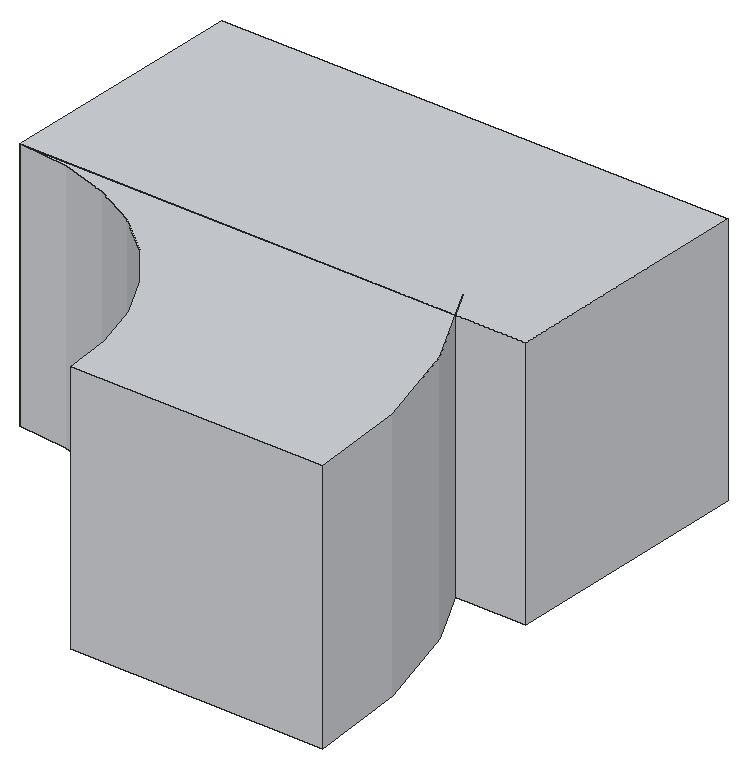
Revit family "矩形 Y 形三通 - 弧形", category 风管管件, Revit 2020
Family settings
  圆形连接件大小 = 使用直径
  零件类型 = T 形三通
  基于工作平面 = 否
  总是垂直 = 是
  加载时剪切的空心 = 否
  共享 = 否
Parameters (values of type "标准")
  默认高程 = 0 mm
  最大风管宽度 13 [instance] = if(风管宽度 1 > 风管宽度 3, 风管宽度 1, 风管宽度 3)  # 320 mm
  最大风管宽度 123 [instance] = if(最大风管宽度 12 > 最大风管宽度 13, 最大风管宽度 12, 最大风管宽度 13)  # 320 mm
  最大风管宽度 12 [instance] = if(风管宽度 1 > 风管宽度 2, 风管宽度 1, 风管宽度 2)  # 320 mm
  最大风管高度 13 [instance] = if(风管高度 1 > 风管高度 3, 风管高度 1, 风管高度 3)  # 320 mm
  最大风管高度 123 [instance] = if(最大风管高度 12 > 最大风管高度 13, 最大风管高度 12, 最大风管高度 13) + 10 mm  # 330 mm
  最大风管高度 12 [instance] = if(风管高度 1 > 风管高度 2, 风管高度 1, 风管高度 2)  # 320 mm
  宽度 2 [instance] = 风管宽度 2 / 2  # 160 mm
  宽度 1 [instance] = 风管宽度 1 / 2  # 160 mm
  风管宽度 3 [instance] = 320 mm
  风管宽度 2 [instance] = 320 mm
  风管宽度 1 [instance] = 320 mm
  风管管喉半径 [instance] = if(风管宽度 1 - 风管宽度 3 > 500 mm, 风管宽度 1, 风管宽度 3)  # 320 mm
  风管长度 1 [instance] = 最大风管宽度 123 / 2  # 160 mm
  风管高度 3 [instance] = 320 mm
  风管高度 2 [instance] = 320 mm
  风管高度 1 [instance] = 320 mm
  中心半径 [instance] = 风管管喉半径 + 风管管喉半径 / 2  # 480 mm
Reference planes
  plane 1 "中心(前/后)": y = 0
  plane 2: z = 0
  plane 3 "中心(左/右)": x = 0
  plane 4: x = -480
  plane 5: y = -480
  plane 6: x = 160
  plane 7: y = 160
  plane 8: y = 160
  plane 9: y = 320
  plane 10: z = 165
  plane 11: z = -165
Forms (mm)
  SweptBlend 1, solid, detail levels medium+fine
    path in 3D
      loop
        line (-480, 0, 0) -> (160, 0, 0)
    profile "风管 - 矩形 : 风管 - 矩形 1" origin (-480, 0, 0) x (0, 1, 0) y (0, 0, 1)
      loop
        line (-160, 160) -> (-160, -160) -> (160, -160) -> (160, 160) -> (-160, 160)
    end profile "风管 - 矩形 : 风管 - 矩形 2" origin (160, 0, 0) x (0, 1, 0) y (0, 0, 1)
      loop
        line (-160, 160) -> (-160, -160) -> (160, -160) -> (160, 160) -> (-160, 160)
  SweptBlend 2, solid, detail levels medium+fine
    path in 3D
      loop
        arc (0, -480, 0) -> (-140.589, -140.589, 0) -> (-480, 0, 0) r 480
    profile "风管 - 矩形 : 风管 - 矩形 3" origin (0, -480, 0) x (-1, 0, 0) y (0, 0, 1)
      loop
        line (-160, 160) -> (-160, -160) -> (160, -160) -> (160, 160) -> (-160, 160)
    end profile "风管 - 矩形 : 风管 - 矩形 1" origin (-480, 0, 0) x (0, -1, 0) y (0, 0, 1)
      loop
        line (-160, 160) -> (-160, -160) -> (160, -160) -> (160, 160) -> (-160, 160)
  Extrusion 3, void
    sketch origin (0, 0, 0) x (1, 0, 0) y (0, 1, 0)
      loop
        line (-480, 160) -> (160, 160) -> (160, 320) -> (-480, 320) -> (-480, 160)
    from -165 to 165
Lines and regions (mm)
  model lines
    curve 1: line (-480, 0, 0) -> (160, 0, 0)
    curve 3: line (-483, 0, 0) -> (-480, 0, 0)
    curve 4: line (160, 0, 0) -> (163, 0, 0)
    curve 7: arc (0, -480, 0) -> (-140.589, -140.589, 0) -> (-480, 0, 0) r 480
  sketch lines
    curve 2: line (-480, 0, 0) -> (160, 0, 0)
    curve 8: arc (0, -480, 0) -> (-140.589, -140.589, 0) -> (-480, 0, 0) r 480
  reference lines
    curve 5: line (-483, 0, 0) -> (-380, 0, 0)
    curve 6: line (60, 0, 0) -> (163, 0, 0)
Dimensions and locks
  "中心半径": plane 4 to plane 3 "中心(左/右)"
  "中心半径": plane 1 "中心(前/后)" to plane 5
  "风管长度 1": plane 3 "中心(左/右)" to plane 6
  "宽度 1": plane 7 to plane 1 "中心(前/后)"
  "宽度 2": plane 1 "中心(前/后)" to plane 8
  "最大风管宽度 123": plane 1 "中心(前/后)" to plane 9
  equal spacing: plane 10, plane 2, plane 11
  "最大风管高度 123": plane 10 to plane 11
  "中心半径": radius of curve 7
  locked: curve 7 to curve 7 (angle 90.00°)
  aligned and locked: plane 4 to curve 3
  aligned and locked: plane 1 "中心(前/后)" to curve 3
  aligned and locked: plane 6 to curve 4
  aligned and locked: plane 1 "中心(前/后)" to curve 4
  aligned and locked: plane 1 "中心(前/后)" to curve 5
  aligned and locked: plane 1 "中心(前/后)" to curve 6
  aligned and locked: plane 8 to Extrusion 3 sketch curve
  aligned and locked: plane 7 to Extrusion 3 sketch curve
  aligned and locked: Extrusion 3 sketch curve to plane 4
  aligned and locked: plane 9 to Extrusion 3 sketch curve
  aligned and locked: Extrusion 3 sketch curve to plane 6
  aligned and locked: Extrusion 3 sketch curve to plane 9
  aligned and locked: plane 10 to Extrusion 3
  aligned and locked: Extrusion 3 to plane 11
  aligned and locked: plane 5 to curve 7
  aligned and locked: plane 4 to curve 7
Automatic sketch dimensions
  plane 4 to curve 5 = 100 mm
  curve 5 to plane 4 = 3 mm
  curve 6 to plane 6 = 100 mm
  plane 6 to curve 6 = 3 mm
  curve 3 to plane 4 = 3 mm
  curve 1 to curve 4 = 3 mm
Connectors
  hvac at (-480, 0, 0), driven by "风管高度 1", driven by "风管宽度 1"
    settings: on SweptBlend 1, index 1, duct flow 0.0 L/s, flow factor 0, pres drop 0.0 Pa, loss coef 0, conn angle 0.00°, conn width 320 mm, conn height 320 mm, conn diameter 609.6 mm, duct sys type 28, conn prof type 1, flow config 0, flow direction 0, loss method 0, conn ref index 2, conn util no, is conn primary yes, conn desc ""
  hvac at (160, 0, 0), driven by "风管高度 2", driven by "风管宽度 2"
    settings: on SweptBlend 1, index 2, duct flow 0.0 L/s, flow factor 0, pres drop 0.0 Pa, loss coef 0, conn angle 0.00°, conn width 320 mm, conn height 320 mm, conn diameter 609.6 mm, duct sys type 28, conn prof type 1, flow config 0, flow direction 0, loss method 0, conn ref index 1, conn util no, is conn primary no, conn desc ""
  hvac at (0, -480, 0), driven by "风管高度 3", driven by "风管宽度 3"
    settings: on SweptBlend 2, index 3, duct flow 0.0 L/s, flow factor 0, pres drop 0.0 Pa, loss coef 0, conn angle 0.00°, conn width 320 mm, conn height 320 mm, conn diameter 609.6 mm, duct sys type 28, conn prof type 1, flow config 0, flow direction 0, loss method 0, conn ref index -1, conn util no, is conn primary no, conn desc ""
